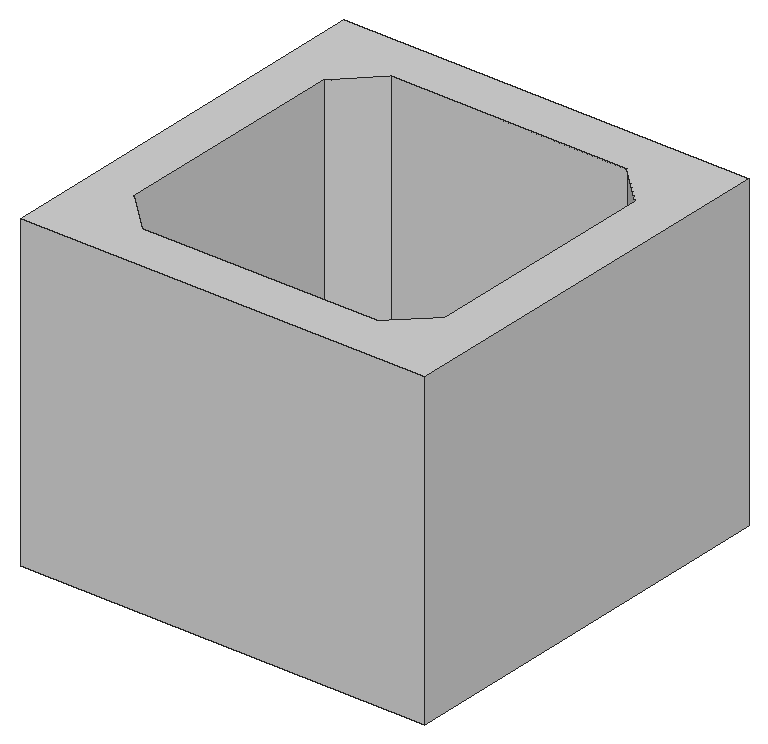
Revit family "Poco_Concreto_M", category Pipe Accessories, Revit 2025
Family settings
  Round Connector Dimension = Use Diameter
  Part Type = Normal
  Work Plane-Based = Yes
  Always vertical = Yes
  Cut with Voids When Loaded = No
  Shared = Yes
Parameters
  Norma = "NBR"
  Material_Conexao = Concreto Drenagem
  Description = "Aduela de concreto poço de drenagem"
  Default Elevation = 0.00 m
  Corpo_H = 1.00 m
  Corpo_E = 0.15 m
  Corpo_DIB = 1.00 m
  Corpo_DIA = 1.00 m
Reference planes (m)
  plane 1 "Center (Front/Back)": y = 0
  plane 2: z = 0
  plane 3 "Center (Left/Right)": x = 0
  plane 4: y = 0.5
  plane 5: y = -0.5
  plane 6: x = -0.5
  plane 7: x = 0.5
  plane 8: x = 0.65
  plane 9: x = -0.65
  plane 10: y = 0.65
  plane 11: y = -0.65
  plane 12: z = -1
Forms (m)
  Extrusion 1, solid, material "Concreto Drenagem" <- "Material_Conexao"
    sketch origin (0, 0, 0) x (1, 0, 0) y (0, 1, 0)
      loop
        line (-0.65, 0.65) -> (-0.65, -0.65) -> (0.65, -0.65) -> (0.65, 0.65) -> (-0.65, 0.65)
      loop
        line (-0.38, 0.5) -> (-0.5, 0.38) -> (-0.5, -0.38) -> (-0.38, -0.5) -> (0.38, -0.5) -> (0.5, -0.38) -> (0.5, 0.38) -> (0.38, 0.5) -> (-0.38, 0.5)
    from 0 to -1
Dimensions and locks (m)
  equal spacing: plane 6, plane 3 "Center (Left/Right)", plane 7
  equal spacing: plane 4, plane 1 "Center (Front/Back)", plane 5
  "Corpo_DIA": plane 6 to plane 7
  "Corpo_DIB": plane 4 to plane 5
  "Corpo_E": plane 7 to plane 8
  "Corpo_E": plane 9 to plane 6
  "Corpo_E": plane 10 to plane 4
  "Corpo_E": plane 5 to plane 11
  "Corpo_H": plane 2 to plane 12
  aligned and locked: plane 2 to level
  aligned and locked: Extrusion 1 sketch curve to plane 10
  aligned and locked: plane 9 to Extrusion 1 sketch curve
  aligned and locked: plane 11 to Extrusion 1 sketch curve
  aligned and locked: Extrusion 1 sketch curve to plane 8
  aligned and locked: Extrusion 1 sketch curve to plane 4
  aligned and locked: plane 6 to Extrusion 1 sketch curve
  aligned and locked: plane 5 to Extrusion 1 sketch curve
  aligned and locked: Extrusion 1 sketch curve to plane 7
  aligned and locked: plane 12 to Extrusion 1
Automatic sketch dimensions
  Extrusion 1 sketch curve to plane 7 = 0.12 m  (x2)
  Extrusion 1 sketch curve to plane 4 = 0.12 m  (x2)
  plane 6 to Extrusion 1 sketch curve = 0.12 m  (x2)
  plane 5 to Extrusion 1 sketch curve = 0.12 m  (x2)
